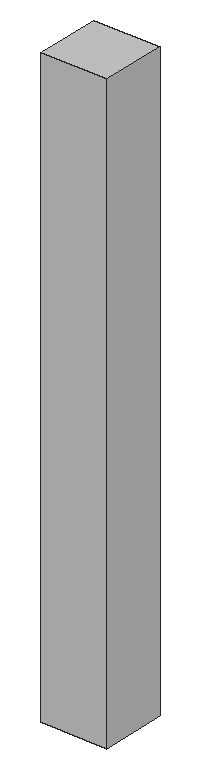
Revit family "Concrete-Square-Column", category 구조 기둥, Revit 2026
Family settings
  숨겨진 뷰로 표시 = 다른 부재에 가려진 모서리
  단면 모양 = 정의되지 않음
  모델 동작 재료 = 콘크리트
  항상 형상으로 내보내기 = 아니오
  평면의 보 전환 = 경계 상자에서
  로드될 때 보이드를 사용하여 절단 = 아니오
  기호 표현 = 패밀리에서
  공유 = 아니오
  평면도에서 미리 절단된 패밀리 표시 = 예
Parameters (values of type "12 x 12")
  조합 코드 = "B10"
  Structural Material [instance] = Concrete - Cast-in-Place Concrete
  b = 1' - 0"
Types (5): name | b
  (no name) | 1' - 0"
  12 x 12 | 1' - 0"
  18 x 18 | 1' - 6"
  24 x 24 | 2' - 0"
  30 x 30 | 2' - 6"
Reference planes (in)
  plane 1 "Center (Front/Back)": y = 0
  plane 2: z = 0
  plane 3 "Center (Left/Right)": x = 0
  plane 4: x = -6
  plane 5: x = 6
  plane 6: y = 6
  plane 7: y = -6
Forms (in)
  Extrusion 1, solid, material "Concrete - Cast-in-Place Concrete" <- "Structural Material"
    sketch origin (0, 0, 0) x (1, 0, 0) y (0, 1, 0)
      loop
        line (-6, 6) -> (-6, -6) -> (6, -6) -> (6, 6) -> (-6, 6)
    from 0 to 108
Dimensions and locks (in)
  equal spacing: plane 4, plane 3 "Center (Left/Right)", plane 5
  equal spacing: plane 7, plane 1 "Center (Front/Back)", plane 6
  "b": plane 7 to plane 6
  "b": plane 4 to plane 5
  aligned and locked: plane 6 to Extrusion 1 sketch curve
  aligned and locked: Extrusion 1 sketch curve to plane 7
  aligned and locked: Extrusion 1 sketch curve to plane 4
  aligned and locked: plane 5 to Extrusion 1 sketch curve
  aligned and locked: level to Extrusion 1
  aligned and locked: level to plane 2
  aligned and locked: Extrusion 1 to plane 2
